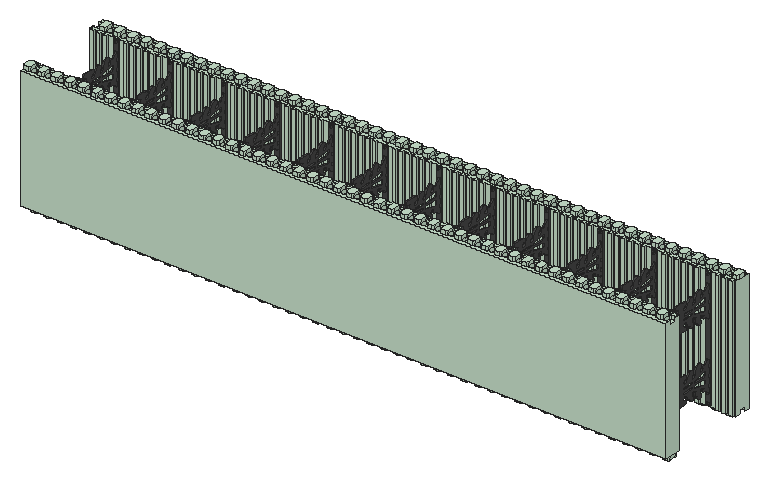
Revit family (continued)
Nested families (in)
  nested 168: "Interlock Tooth" at (14, 2, -18.5), type "Interlock Tooth"
  nested 169: "Interlock Tooth" at (16, 2, -18.5), type "Interlock Tooth"
  nested 170: "Interlock Tooth" at (18, 2, -18.5), type "Interlock Tooth"
  nested 171: "Interlock Tooth" at (20, 2, -18.5), type "Interlock Tooth"
  nested 172: "Interlock Tooth" at (22, 2, -18.5), type "Interlock Tooth"
  nested 173: "Interlock Tooth" at (24, 2, -18.5), type "Interlock Tooth"
  nested 174: "Interlock Tooth" at (26, 2, -18.5), type "Interlock Tooth"
  nested 175: "Interlock Tooth" at (28, 2, -18.5), type "Interlock Tooth"
  nested 176: "Interlock Tooth" at (30, 2, -18.5), type "Interlock Tooth"
  nested 177: "Interlock Tooth" at (32, 2, -18.5), type "Interlock Tooth"
  nested 178: "Interlock Tooth" at (34, 2, -18.5), type "Interlock Tooth"
  nested 179: "Interlock Tooth" at (36, 2, -18.5), type "Interlock Tooth"
  nested 180: "Interlock Tooth" at (38, 2, -18.5), type "Interlock Tooth"
  nested 181: "Interlock Tooth" at (40, 2, -18.5), type "Interlock Tooth"
  nested 182: "Interlock Tooth" at (42, 2, -18.5), type "Interlock Tooth"
  nested 183: "Interlock Tooth" at (44, 2, -18.5), type "Interlock Tooth"
  nested 184: "Interlock Tooth" at (46, 2, -18.5), type "Interlock Tooth"
  nested 185: "Interlock Tooth" at (48, 2, -18.5), type "Interlock Tooth"
  nested 186: "Interlock Tooth" at (50, 2, -18.5), type "Interlock Tooth"
  nested 187: "Interlock Tooth" at (52, 2, -18.5), type "Interlock Tooth"
  nested 188: "Interlock Tooth" at (54, 2, -18.5), type "Interlock Tooth"
  nested 189: "Interlock Tooth" at (56, 2, -18.5), type "Interlock Tooth"
  nested 190: "Interlock Tooth" at (58, 2, -18.5), type "Interlock Tooth"
  nested 191: "Interlock Tooth" at (60, 2, -18.5), type "Interlock Tooth"
  nested 192: "Interlock Tooth" at (62, 2, -18.5), type "Interlock Tooth"
  nested 193: "Interlock Tooth" at (64, 2, -18.5), type "Interlock Tooth"
  nested 194: "Interlock Tooth" at (66, 2, -18.5), type "Interlock Tooth"
  nested 195: "Interlock Tooth" at (68, 2, -18.5), type "Interlock Tooth"
  nested 196: "Interlock Tooth" at (70, 2, -18.5), type "Interlock Tooth"
  nested 197: "Interlock Tooth" at (72, 2, -18.5), type "Interlock Tooth"
  nested 198: "Interlock Tooth" at (74, 2, -18.5), type "Interlock Tooth"
  nested 199: "Interlock Tooth" at (76, 2, -18.5), type "Interlock Tooth"
  nested 200: "Interlock Tooth" at (78, 2, -18.5), type "Interlock Tooth"
  nested 201: "Interlock Tooth" at (80, 2, -18.5), type "Interlock Tooth"
  nested 202: "Interlock Tooth" at (82, 2, -18.5), type "Interlock Tooth"
  nested 203: "Interlock Tooth" at (84, 2, -18.5), type "Interlock Tooth"
  nested 204: "Interlock Tooth" at (86, 2, -18.5), type "Interlock Tooth"
  nested 205: "Interlock Tooth" at (88, 2, -18.5), type "Interlock Tooth"
  nested 206: "Interlock Tooth" at (90, 2, -18.5), type "Interlock Tooth"
  nested 207: "Interlock Tooth" at (92, 2, -18.5), type "Interlock Tooth"
  nested 208: "Interlock Tooth" at (94, 2, -18.5), type "Interlock Tooth"
  nested 209: "Interlock Tooth" at (0, 0, 0), type "Interlock Tooth", not visible
  nested 210: "Interlock Tooth" at (2, 0, 0), type "Interlock Tooth", not visible
  nested 211: "Interlock Tooth" at (4, 0, 0), type "Interlock Tooth", not visible
  nested 212: "Interlock Tooth" at (6, 0, 0), type "Interlock Tooth", not visible
  nested 213: "Interlock Tooth" at (8, 0, 0), type "Interlock Tooth", not visible
  nested 214: "Interlock Tooth" at (10, 0, 0), type "Interlock Tooth", not visible
  nested 215: "Interlock Tooth" at (12, 0, 0), type "Interlock Tooth", not visible
  nested 216: "Interlock Tooth" at (14, 0, 0), type "Interlock Tooth", not visible
  nested 217: "Interlock Tooth" at (16, 0, 0), type "Interlock Tooth", not visible
  nested 218: "Interlock Tooth" at (18, 0, 0), type "Interlock Tooth", not visible
  nested 219: "Interlock Tooth" at (20, 0, 0), type "Interlock Tooth", not visible
  nested 220: "Interlock Tooth" at (22, 0, 0), type "Interlock Tooth", not visible
  nested 221: "Interlock Tooth" at (24, 0, 0), type "Interlock Tooth", not visible
  nested 222: "Interlock Tooth" at (26, 0, 0), type "Interlock Tooth", not visible
  nested 223: "Interlock Tooth" at (28, 0, 0), type "Interlock Tooth", not visible
  nested 224: "Interlock Tooth" at (30, 0, 0), type "Interlock Tooth", not visible
  nested 225: "Interlock Tooth" at (32, 0, 0), type "Interlock Tooth", not visible
  nested 226: "Interlock Tooth" at (34, 0, 0), type "Interlock Tooth", not visible
  nested 227: "Interlock Tooth" at (36, 0, 0), type "Interlock Tooth", not visible
  nested 228: "Interlock Tooth" at (38, 0, 0), type "Interlock Tooth", not visible
  nested 229: "Interlock Tooth" at (40, 0, 0), type "Interlock Tooth", not visible
  nested 230: "Interlock Tooth" at (42, 0, 0), type "Interlock Tooth", not visible
  nested 231: "Interlock Tooth" at (44, 0, 0), type "Interlock Tooth", not visible
  nested 232: "Interlock Tooth" at (46, 0, 0), type "Interlock Tooth", not visible
  nested 233: "Interlock Tooth" at (48, 0, 0), type "Interlock Tooth", not visible
  nested 234: "Interlock Tooth" at (50, 0, 0), type "Interlock Tooth", not visible
  nested 235: "Interlock Tooth" at (52, 0, 0), type "Interlock Tooth", not visible
  nested 236: "Interlock Tooth" at (54, 0, 0), type "Interlock Tooth", not visible
  nested 237: "Interlock Tooth" at (56, 0, 0), type "Interlock Tooth", not visible
  nested 238: "Interlock Tooth" at (58, 0, 0), type "Interlock Tooth", not visible
  nested 239: "Interlock Tooth" at (60, 0, 0), type "Interlock Tooth", not visible
  nested 240: "Interlock Tooth" at (62, 0, 0), type "Interlock Tooth", not visible
  nested 241: "Interlock Tooth" at (64, 0, 0), type "Interlock Tooth", not visible
  nested 242: "Interlock Tooth" at (66, 0, 0), type "Interlock Tooth", not visible
  nested 243: "Interlock Tooth" at (68, 0, 0), type "Interlock Tooth", not visible
  nested 244: "Interlock Tooth" at (70, 0, 0), type "Interlock Tooth", not visible
  nested 245: "Interlock Tooth" at (72, 0, 0), type "Interlock Tooth", not visible
  nested 246: "Interlock Tooth" at (74, 0, 0), type "Interlock Tooth", not visible
  nested 247: "Interlock Tooth" at (76, 0, 0), type "Interlock Tooth", not visible
  nested 248: "Interlock Tooth" at (78, 0, 0), type "Interlock Tooth", not visible
  nested 249: "Interlock Tooth" at (80, 0, 0), type "Interlock Tooth", not visible
  nested 250: "Interlock Tooth" at (82, 0, 0), type "Interlock Tooth", not visible
  nested 251: "Interlock Tooth" at (84, 0, 0), type "Interlock Tooth", not visible
  nested 252: "Interlock Tooth" at (86, 0, 0), type "Interlock Tooth", not visible
  nested 253: "Interlock Tooth" at (88, 0, 0), type "Interlock Tooth", not visible
  nested 254: "Interlock Tooth" at (90, 0, 0), type "Interlock Tooth", not visible
  nested 255: "Interlock Tooth" at (92, 0, 0), type "Interlock Tooth", not visible
  nested 256: "Interlock Tooth" at (94, 0, 0), type "Interlock Tooth", not visible
  nested 257: "Interlock Tooth" at (1, 8.875, 0), type "Interlock Tooth", not visible
  nested 258: "Interlock Tooth" at (3, 8.875, 0), type "Interlock Tooth", not visible
  nested 259: "Interlock Tooth" at (5, 8.875, 0), type "Interlock Tooth", not visible
  nested 260: "Interlock Tooth" at (7, 8.875, 0), type "Interlock Tooth", not visible
  nested 261: "Interlock Tooth" at (9, 8.875, 0), type "Interlock Tooth", not visible
  nested 262: "Interlock Tooth" at (11, 8.875, 0), type "Interlock Tooth", not visible
  nested 263: "Interlock Tooth" at (13, 8.875, 0), type "Interlock Tooth", not visible
  nested 264: "Interlock Tooth" at (15, 8.875, 0), type "Interlock Tooth", not visible
  nested 265: "Interlock Tooth" at (17, 8.875, 0), type "Interlock Tooth", not visible
  nested 266: "Interlock Tooth" at (19, 8.875, 0), type "Interlock Tooth", not visible
  nested 267: "Interlock Tooth" at (21, 8.875, 0), type "Interlock Tooth", not visible
  nested 268: "Interlock Tooth" at (23, 8.875, 0), type "Interlock Tooth", not visible
  nested 269: "Interlock Tooth" at (25, 8.875, 0), type "Interlock Tooth", not visible
  nested 270: "Interlock Tooth" at (27, 8.875, 0), type "Interlock Tooth", not visible
  nested 271: "Interlock Tooth" at (29, 8.875, 0), type "Interlock Tooth", not visible
  nested 272: "Interlock Tooth" at (31, 8.875, 0), type "Interlock Tooth", not visible
  nested 273: "Interlock Tooth" at (33, 8.875, 0), type "Interlock Tooth", not visible
  nested 274: "Interlock Tooth" at (35, 8.875, 0), type "Interlock Tooth", not visible
  nested 275: "Interlock Tooth" at (37, 8.875, 0), type "Interlock Tooth", not visible
  nested 276: "Interlock Tooth" at (39, 8.875, 0), type "Interlock Tooth", not visible
  nested 277: "Interlock Tooth" at (41, 8.875, 0), type "Interlock Tooth", not visible
  nested 278: "Interlock Tooth" at (43, 8.875, 0), type "Interlock Tooth", not visible
  nested 279: "Interlock Tooth" at (45, 8.875, 0), type "Interlock Tooth", not visible
  nested 280: "Interlock Tooth" at (47, 8.875, 0), type "Interlock Tooth", not visible
  nested 281: "Interlock Tooth" at (49, 8.875, 0), type "Interlock Tooth", not visible
  nested 282: "Interlock Tooth" at (51, 8.875, 0), type "Interlock Tooth", not visible
  nested 283: "Interlock Tooth" at (53, 8.875, 0), type "Interlock Tooth", not visible
  nested 284: "Interlock Tooth" at (55, 8.875, 0), type "Interlock Tooth", not visible
  nested 285: "Interlock Tooth" at (57, 8.875, 0), type "Interlock Tooth", not visible
  nested 286: "Interlock Tooth" at (59, 8.875, 0), type "Interlock Tooth", not visible
  nested 287: "Interlock Tooth" at (61, 8.875, 0), type "Interlock Tooth", not visible
  nested 288: "Interlock Tooth" at (63, 8.875, 0), type "Interlock Tooth", not visible
  nested 289: "Interlock Tooth" at (65, 8.875, 0), type "Interlock Tooth", not visible
  nested 290: "Interlock Tooth" at (67, 8.875, 0), type "Interlock Tooth", not visible
  nested 291: "Interlock Tooth" at (69, 8.875, 0), type "Interlock Tooth", not visible
  nested 292: "Interlock Tooth" at (71, 8.875, 0), type "Interlock Tooth", not visible
  nested 293: "Interlock Tooth" at (73, 8.875, 0), type "Interlock Tooth", not visible
  nested 294: "Interlock Tooth" at (75, 8.875, 0), type "Interlock Tooth", not visible
  nested 295: "Interlock Tooth" at (77, 8.875, 0), type "Interlock Tooth", not visible
  nested 296: "Interlock Tooth" at (79, 8.875, 0), type "Interlock Tooth", not visible
  nested 297: "Interlock Tooth" at (81, 8.875, 0), type "Interlock Tooth", not visible
  nested 298: "Interlock Tooth" at (83, 8.875, 0), type "Interlock Tooth", not visible
  nested 299: "Interlock Tooth" at (85, 8.875, 0), type "Interlock Tooth", not visible
  nested 300: "Interlock Tooth" at (87, 8.875, 0), type "Interlock Tooth", not visible
  nested 301: "Interlock Tooth" at (89, 8.875, 0), type "Interlock Tooth", not visible
  nested 302: "Interlock Tooth" at (91, 8.875, 0), type "Interlock Tooth", not visible
  nested 303: "Interlock Tooth" at (93, 8.875, 0), type "Interlock Tooth", not visible
  nested 304: "Interlock Tooth" at (95, 8.875, 0), type "Interlock Tooth", not visible
  nested 305: "NUDURA Logo Diamond" at (0, -7.625, 0), type "NUDURA Logo Diamond"
  nested 306: "NUDURA Logo Diamond" at (24, -7.625, 0), type "NUDURA Logo Diamond"
  nested 307: "NUDURA Logo Diamond" at (48, -7.625, 0), type "NUDURA Logo Diamond"
  nested 308: "NUDURA Logo Diamond" at (72, -7.625, 0), type "NUDURA Logo Diamond"
  nested 309: "NUDURA Logo Diamond" at (95.99744, 7.625, 0) x (-1, 0, 0) z (0, 0, 1), type "NUDURA Logo Diamond"
  nested 310: "NUDURA Logo Diamond" at (71.99744, 7.625, 0) x (-1, 0, 0) z (0, 0, 1), type "NUDURA Logo Diamond"
  nested 311: "NUDURA Logo Diamond" at (47.99744, 7.625, 0) x (-1, 0, 0) z (0, 0, 1), type "NUDURA Logo Diamond"
  nested 312: "NUDURA Logo Diamond" at (23.99744, 7.625, 0) x (-1, 0, 0) z (0, 0, 1), type "NUDURA Logo Diamond"
  nested 313: "10-inch Web" at (4, 0, 0), type "10-inch Web"
  nested 314: "10-inch Web" at (12, 0, 0), type "10-inch Web"
  nested 315: "10-inch Web" at (20, 0, 0), type "10-inch Web"
  nested 316: "10-inch Web" at (28, 0, 0), type "10-inch Web"
  nested 317: "10-inch Web" at (36, 0, 0), type "10-inch Web"
  nested 318: "10-inch Web" at (44, 0, 0), type "10-inch Web"
  nested 319: "10-inch Web" at (52, 0, 0), type "10-inch Web"
  nested 320: "10-inch Web" at (60, 0, 0), type "10-inch Web"
  nested 321: "10-inch Web" at (68, 0, 0), type "10-inch Web"
  nested 322: "10-inch Web" at (76, 0, 0), type "10-inch Web"
  nested 323: "10-inch Web" at (84, 0, 0), type "10-inch Web"
  nested 324: "10-inch Web" at (92, 0, 0), type "10-inch Web"
Definition of nested family "Interlock Tooth"
  Reference planes (in)
    plane 1 "Center (Front/Back)": y = 0
    plane 2: z = 0
    plane 3 "Center (Left/Right)": x = 0
    plane 4: z = 18
    plane 5: z = 18.5
    plane 6: z = -0.5
  Forms (in)
    Extrusion 1, solid, material "NUDURA Expanded Polystyrene Foam Insulation"
      sketch origin (0, -8.875, 0) x (1, 0, 0) y (0, 1, 0)
        loop
          arc (0, 3.97692) -> (0.04785, 3.82983) -> (0.17308, 3.73905) r 0.25
          arc (0.17308, 3.73905) -> (0.5, 3.6875) -> (0.82692, 3.73905) r 1.0625
          arc (0.82692, 3.73905) -> (0.95215, 3.82983) -> (1, 3.97692) r 0.25
          line (1, 3.97692) -> (1, 4.89808)
          arc (1, 4.89808) -> (0.95215, 5.04517) -> (0.82692, 5.13595) r 0.25
          arc (0.82692, 5.13595) -> (0.5, 5.1875) -> (0.17308, 5.13595) r 1.0625
          arc (0.17308, 5.13595) -> (0.04785, 5.04517) -> (0, 4.89808) r 0.25
          line (0, 4.89808) -> (0, 3.97692)
      from 18 to 18.5
  Dimensions and locks (in)
    locked: plane 4 to level at 18
    locked: plane 4 to plane 5 at 0.5
    locked: plane 6 to level at 0.5
Definition of nested family "10-inch Web"
  Reference planes (in)
    plane 1 "Center (Front/Back)": y = 0
    plane 2: z = 0
    plane 3 "Center (Left/Right)": x = 0
  Forms (in)
    Extrusion 1, solid, material "Polypropylene"
      sketch origin (0, 0, -0.5) x (0, 1, 0) y (0, 0, 1)
        loop
          arc (5.185, 0.98503) -> (5.17874, 0.9705) -> (5.16389, 0.96506) r 0.02
          line (5.16389, 0.96506) -> (5.00611, 0.97383)
          arc (5.00611, 0.97383) -> (4.99126, 0.96839) -> (4.985, 0.95386) r 0.02
          line (4.985, 0.95386) -> (4.985, 0.88265)
          arc (4.985, 0.88265) -> (4.98914, 0.86744) -> (5.00043, 0.85643) r 0.03
          line (5.00043, 0.85643) -> (5.16957, 0.76246)
          arc (5.16957, 0.76246) -> (5.18086, 0.75145) -> (5.185, 0.73624) r 0.03
          line (5.185, 0.73624) -> (5.185, 0.98503)
        loop
          line (-5.185, 0.98503) -> (-5.185, 0.73624)
          arc (-5.185, 0.73624) -> (-5.18086, 0.75145) -> (-5.16957, 0.76246) r 0.03
          line (-5.16957, 0.76246) -> (-5.00043, 0.85643)
          arc (-5.00043, 0.85643) -> (-4.98914, 0.86744) -> (-4.985, 0.88265) r 0.03
          line (-4.985, 0.88265) -> (-4.985, 0.95386)
          arc (-4.985, 0.95386) -> (-4.99126, 0.96839) -> (-5.00611, 0.97383) r 0.02
          line (-5.00611, 0.97383) -> (-5.16389, 0.96506)
          arc (-5.16389, 0.96506) -> (-5.17874, 0.9705) -> (-5.185, 0.98503) r 0.02
        loop
          line (4.959, 15.45384) -> (4.959, 15.95381) -> (4.854, 15.95381) -> (4.854, 16.02384) -> (5.0915, 16.02384)
          arc (5.0915, 16.02384) -> (5.1357, 16.00553) -> (5.154, 15.96134) r 0.0625
          line (5.154, 15.96134) -> (5.154, 16.86095)
          arc (5.154, 16.86095) -> (5.06225, 16.57227) -> (4.82067, 16.38954) r 0.5
          arc (4.82067, 16.38954) -> (4.69988, 16.29818) -> (4.654, 16.15384) r 0.25
          line (4.654, 16.15384) -> (4.654, 16.08634)
          arc (4.654, 16.08634) -> (4.67231, 16.04214) -> (4.7165, 16.02384) r 0.0625
          line (4.7165, 16.02384) -> (4.764, 16.02384) -> (4.764, 15.95381) -> (4.65846, 15.95381)
          arc (4.65846, 15.95381) -> (4.46242, 15.98802) -> (4.30133, 16.10487) r 0.44133
          arc (4.30133, 16.10487) -> (4.13092, 16.12201) -> (4.10336, 15.95298) r 0.125
          arc (4.10336, 15.95298) -> (3.6202, 15.47559) -> (3.56289, 16.15239) r 0.375
          arc (3.56289, 16.15239) -> (3.71165, 16.51474) -> (3.34931, 16.66349) r 0.27697
          arc (3.34931, 16.66349) -> (2.83672, 16.26582) -> (2.64033, 15.6475) r 1.09159
          line (2.64033, 15.6475) -> (2.64084, 15.48251)
          arc (2.64084, 15.48251) -> (2.06728, 15.19279) -> (2.07976, 15.83525) r 0.375
          arc (2.07976, 15.83525) -> (2.22851, 16.1976) -> (1.86617, 16.34635) r 0.27697
          arc (1.86617, 16.34635) -> (1.36679, 16.02099) -> (1.12993, 15.47406) r 1.0341
          arc (1.12993, 15.47406) -> (0.55637, 15.18434) -> (0.56885, 15.8268) r 0.375
          arc (0.56885, 15.8268) -> (0.65723, 15.85457) -> (0.74814, 15.87237) r 0.83414
          arc (0.74814, 15.87237) -> (0.91326, 16.103) -> (0.71383, 16.30469) r 0.22
          arc (0.71383, 16.30469) -> (0.35845, 16.35404) -> (0, 16.36944) r 3.77741
          arc (0, 16.36944) -> (-0.35845, 16.35404) -> (-0.71383, 16.30469) r 3.77741
          arc (-0.71383, 16.30469) -> (-0.91326, 16.103) -> (-0.74814, 15.87237) r 0.22
          arc (-0.74814, 15.87237) -> (-0.65723, 15.85457) -> (-0.56885, 15.8268) r 0.83414
          arc (-0.56885, 15.8268) -> (-0.55637, 15.18434) -> (-1.12993, 15.47406) r 0.375
          arc (-1.12993, 15.47406) -> (-1.36679, 16.02099) -> (-1.86617, 16.34635) r 1.0341
          arc (-1.86617, 16.34635) -> (-2.22851, 16.1976) -> (-2.07976, 15.83525) r 0.27697
          arc (-2.07976, 15.83525) -> (-2.06728, 15.19279) -> (-2.64084, 15.48251) r 0.375
          line (-2.64084, 15.48251) -> (-2.64033, 15.6475)
          arc (-2.64033, 15.6475) -> (-2.83672, 16.26582) -> (-3.34931, 16.66349) r 1.09159
          arc (-3.34931, 16.66349) -> (-3.71165, 16.51474) -> (-3.56289, 16.15239) r 0.27697
          arc (-3.56289, 16.15239) -> (-3.6202, 15.47559) -> (-4.10336, 15.95298) r 0.375
          arc (-4.10336, 15.95298) -> (-4.13092, 16.12201) -> (-4.30133, 16.10487) r 0.125
          arc (-4.30133, 16.10487) -> (-4.46242, 15.98802) -> (-4.65846, 15.95381) r 0.44133
          line (-4.65846, 15.95381) -> (-4.764, 15.95381) -> (-4.764, 16.02384) -> (-4.7165, 16.02384)
          arc (-4.7165, 16.02384) -> (-4.67231, 16.04214) -> (-4.654, 16.08634) r 0.0625
          line (-4.654, 16.08634) -> (-4.654, 16.15384)
          arc (-4.654, 16.15384) -> (-4.69988, 16.29818) -> (-4.82067, 16.38954) r 0.25
          arc (-4.82067, 16.38954) -> (-5.06225, 16.57227) -> (-5.154, 16.86095) r 0.5
          line (-5.154, 16.86095) -> (-5.154, 15.96134)
          arc (-5.154, 15.96134) -> (-5.1357, 16.00553) -> (-5.0915, 16.02384) r 0.0625
          line (-5.0915, 16.02384) -> (-4.854, 16.02384) -> (-4.854, 15.95381) -> (-4.959, 15.95381) -> (-4.959, 15.45384) -> (-4.854, 15.45384) -> (-4.854, 15.38384) -> (-5.1225, 15.38384)
          arc (-5.1225, 15.38384) -> (-5.16669, 15.40214) -> (-5.185, 15.44634) r 0.0625
          line (-5.185, 15.44634) -> (-5.185, 14.66134)
          arc (-5.185, 14.66134) -> (-5.16669, 14.70553) -> (-5.1225, 14.72384) r 0.0625
          line (-5.1225, 14.72384) -> (-4.854, 14.72384) -> (-4.854, 14.65384) -> (-4.959, 14.65384) -> (-4.959, 14.15384) -> (-4.854, 14.15384) -> (-4.854, 14.08384) -> (-5.1225, 14.08384)
          arc (-5.1225, 14.08384) -> (-5.16669, 14.10214) -> (-5.185, 14.14634) r 0.0625
          line (-5.185, 14.14634) -> (-5.185, 13.36134)
          arc (-5.185, 13.36134) -> (-5.16669, 13.40553) -> (-5.1225, 13.42384) r 0.0625
          line (-5.1225, 13.42384) -> (-4.854, 13.42384) -> (-4.854, 13.35384) -> (-4.959, 13.35384) -> (-4.959, 12.85387) -> (-4.854, 12.85387) -> (-4.854, 12.78384) -> (-5.1225, 12.78384)
          arc (-5.1225, 12.78384) -> (-5.16669, 12.80214) -> (-5.185, 12.84634) r 0.0625
          line (-5.185, 12.84634) -> (-5.185, 12.24673) -> (-5.054, 12.24673)
          arc (-5.054, 12.24673) -> (-4.95001, 12.34969) -> (-4.82067, 12.41814) r 0.5
          arc (-4.82067, 12.41814) -> (-4.69988, 12.5095) -> (-4.654, 12.65384) r 0.25
          line (-4.654, 12.65384) -> (-4.654, 12.72134)
          arc (-4.654, 12.72134) -> (-4.67231, 12.76553) -> (-4.7165, 12.78384) r 0.0625
          line (-4.7165, 12.78384) -> (-4.764, 12.78384) -> (-4.764, 12.85387) -> (-4.65846, 12.85387)
          arc (-4.65846, 12.85387) -> (-4.46242, 12.81966) -> (-4.30133, 12.70281) r 0.44133
          arc (-4.30133, 12.70281) -> (-4.13092, 12.68566) -> (-4.10336, 12.8547) r 0.125
          arc (-4.10336, 12.8547) -> (-3.6202, 13.33209) -> (-3.56289, 12.65529) r 0.375
          arc (-3.56289, 12.65529) -> (-3.71165, 12.29294) -> (-3.34931, 12.14419) r 0.27697
          arc (-3.34931, 12.14419) -> (-2.83672, 12.54186) -> (-2.64033, 13.16018) r 1.09159
          line (-2.64033, 13.16018) -> (-2.64084, 13.32517)
          arc (-2.64084, 13.32517) -> (-2.06728, 13.61488) -> (-2.07976, 12.97243) r 0.375
          arc (-2.07976, 12.97243) -> (-2.22851, 12.61008) -> (-1.86617, 12.46132) r 0.27697
          arc (-1.86617, 12.46132) -> (-1.36679, 12.78669) -> (-1.12993, 13.33362) r 1.0341
          arc (-1.12993, 13.33362) -> (-0.55637, 13.62334) -> (-0.56885, 12.98088) r 0.375
          arc (-0.56885, 12.98088) -> (-0.65723, 12.95311) -> (-0.74814, 12.93531) r 0.83414
          arc (-0.74814, 12.93531) -> (-0.91326, 12.70468) -> (-0.71383, 12.50299) r 0.22
          arc (-0.71383, 12.50299) -> (-0.35845, 12.45364) -> (0, 12.43823) r 3.77741
          arc (0, 12.43823) -> (0.35845, 12.45364) -> (0.71383, 12.50299) r 3.77741
          arc (0.71383, 12.50299) -> (0.91326, 12.70468) -> (0.74814, 12.93531) r 0.22
          arc (0.74814, 12.93531) -> (0.65723, 12.95311) -> (0.56885, 12.98088) r 0.83414
          arc (0.56885, 12.98088) -> (0.55637, 13.62334) -> (1.12993, 13.33362) r 0.375
          arc (1.12993, 13.33362) -> (1.36679, 12.78669) -> (1.86617, 12.46132) r 1.0341
          arc (1.86617, 12.46132) -> (2.22851, 12.61008) -> (2.07976, 12.97243) r 0.27697
          arc (2.07976, 12.97243) -> (2.06728, 13.61488) -> (2.64084, 13.32517) r 0.375
          line (2.64084, 13.32517) -> (2.64033, 13.16018)
          arc (2.64033, 13.16018) -> (2.83672, 12.54186) -> (3.34931, 12.14419) r 1.09159
          arc (3.34931, 12.14419) -> (3.71165, 12.29294) -> (3.56289, 12.65529) r 0.27697
          arc (3.56289, 12.65529) -> (3.6202, 13.33209) -> (4.10336, 12.8547) r 0.375
          arc (4.10336, 12.8547) -> (4.13092, 12.68566) -> (4.30133, 12.70281) r 0.125
          arc (4.30133, 12.70281) -> (4.46242, 12.81966) -> (4.65846, 12.85387) r 0.44133
          line (4.65846, 12.85387) -> (4.764, 12.85387) -> (4.764, 12.78384) -> (4.7165, 12.78384)
          arc (4.7165, 12.78384) -> (4.67231, 12.76553) -> (4.654, 12.72134) r 0.0625
          line (4.654, 12.72134) -> (4.654, 12.65384)
          arc (4.654, 12.65384) -> (4.69988, 12.5095) -> (4.82067, 12.41814) r 0.25
          arc (4.82067, 12.41814) -> (4.95001, 12.34969) -> (5.054, 12.24673) r 0.5
          line (5.054, 12.24673) -> (5.185, 12.24673) -> (5.185, 12.84634)
          arc (5.185, 12.84634) -> (5.16669, 12.80214) -> (5.1225, 12.78384) r 0.0625
          line (5.1225, 12.78384) -> (4.854, 12.78384) -> (4.854, 12.85387) -> (4.959, 12.85387) -> (4.959, 13.35384) -> (4.854, 13.35384) -> (4.854, 13.42384) -> (5.1225, 13.42384)
          arc (5.1225, 13.42384) -> (5.16669, 13.40553) -> (5.185, 13.36134) r 0.0625
          line (5.185, 13.36134) -> (5.185, 14.14634)
          arc (5.185, 14.14634) -> (5.16669, 14.10214) -> (5.1225, 14.08384) r 0.0625
          line (5.1225, 14.08384) -> (4.854, 14.08384) -> (4.854, 14.15384) -> (4.959, 14.15384) -> (4.959, 14.65384) -> (4.854, 14.65384) -> (4.854, 14.72384) -> (5.1225, 14.72384)
          arc (5.1225, 14.72384) -> (5.16669, 14.70553) -> (5.185, 14.66134) r 0.0625
          line (5.185, 14.66134) -> (5.185, 15.44634)
          arc (5.185, 15.44634) -> (5.16669, 15.40214) -> (5.1225, 15.38384) r 0.0625
          line (5.1225, 15.38384) -> (4.854, 15.38384) -> (4.854, 15.45384) -> (4.959, 15.45384)
        loop
          line (4.659, 14.65384) -> (4.764, 14.65384) -> (4.764, 14.72384) -> (4.7165, 14.72384)
          arc (4.7165, 14.72384) -> (4.67231, 14.74214) -> (4.654, 14.78634) r 0.0625
          line (4.654, 14.78634) -> (4.654, 15.32134)
          arc (4.654, 15.32134) -> (4.67231, 15.36553) -> (4.7165, 15.38384) r 0.0625
          line (4.7165, 15.38384) -> (4.764, 15.38384) -> (4.764, 15.45384) -> (4.659, 15.45384) -> (2.44144, 14.95721)
          arc (2.44144, 14.95721) -> (2.37119, 14.91337) -> (2.34376, 14.83523) r 0.125
          line (2.34376, 14.83523) -> (2.34376, 14.62294)
          arc (2.34376, 14.62294) -> (2.38037, 14.53455) -> (2.46876, 14.49794) r 0.125
          line (2.46876, 14.49794) -> (4.10628, 14.49794)
          arc (4.10628, 14.49794) -> (4.33726, 14.5391) -> (4.5554, 14.62551) r 1.17022
          arc (4.5554, 14.62551) -> (4.60543, 14.64613) -> (4.659, 14.65384) r 0.21872
        loop
          line (4.659, 13.35384) -> (4.764, 13.35384) -> (4.764, 13.42384) -> (4.7165, 13.42384)
          arc (4.7165, 13.42384) -> (4.67231, 13.44214) -> (4.654, 13.48634) r 0.0625
          line (4.654, 13.48634) -> (4.654, 14.02134)
          arc (4.654, 14.02134) -> (4.67231, 14.06553) -> (4.7165, 14.08384) r 0.0625
          line (4.7165, 14.08384) -> (4.764, 14.08384) -> (4.764, 14.15384) -> (4.659, 14.15384)
          arc (4.659, 14.15384) -> (4.60543, 14.16155) -> (4.5554, 14.18217) r 0.21872
          arc (4.5554, 14.18217) -> (4.33726, 14.26858) -> (4.10628, 14.30974) r 1.17022
          line (4.10628, 14.30974) -> (2.46876, 14.30974)
          arc (2.46876, 14.30974) -> (2.38037, 14.27312) -> (2.34376, 14.18474) r 0.125
          line (2.34376, 14.18474) -> (2.34376, 13.97245)
          arc (2.34376, 13.97245) -> (2.37119, 13.89431) -> (2.44144, 13.85047) r 0.125
          line (2.44144, 13.85047) -> (4.659, 13.35384)
        loop
          line (5.185, 18.01497) -> (5.185, 18.26376)
          arc (5.185, 18.26376) -> (5.18086, 18.24855) -> (5.16957, 18.23754) r 0.03
          line (5.16957, 18.23754) -> (5.00043, 18.14357)
          arc (5.00043, 18.14357) -> (4.98914, 18.13256) -> (4.985, 18.11735) r 0.03
          line (4.985, 18.11735) -> (4.985, 18.04614)
          arc (4.985, 18.04614) -> (4.99126, 18.03161) -> (5.00611, 18.02617) r 0.02
          line (5.00611, 18.02617) -> (5.16389, 18.03494)
          arc (5.16389, 18.03494) -> (5.17874, 18.0295) -> (5.185, 18.01497) r 0.02
        loop
          arc (-5.185, 18.01497) -> (-5.17874, 18.0295) -> (-5.16389, 18.03494) r 0.02
          line (-5.16389, 18.03494) -> (-5.00611, 18.02617)
          arc (-5.00611, 18.02617) -> (-4.99126, 18.03161) -> (-4.985, 18.04614) r 0.02
          line (-4.985, 18.04614) -> (-4.985, 18.11735)
          arc (-4.985, 18.11735) -> (-4.98914, 18.13256) -> (-5.00043, 18.14357) r 0.03
          line (-5.00043, 18.14357) -> (-5.16957, 18.23754)
          arc (-5.16957, 18.23754) -> (-5.18086, 18.24855) -> (-5.185, 18.26376) r 0.03
          line (-5.185, 18.26376) -> (-5.185, 18.01497)
        loop
          line (2.03126, 14.93281) -> (0.59176, 14.93281)
          arc (0.59176, 14.93281) -> (0.37476, 14.71581) -> (0.59176, 14.49881) r 0.217
          line (0.59176, 14.49881) -> (2.03126, 14.49881)
          arc (2.03126, 14.49881) -> (2.11964, 14.53542) -> (2.15626, 14.62381) r 0.125
          line (2.15626, 14.62381) -> (2.15626, 14.80781)
          arc (2.15626, 14.80781) -> (2.11964, 14.8962) -> (2.03126, 14.93281) r 0.125
        loop
          line (0.59176, 13.87487) -> (2.03126, 13.87487)
          arc (2.03126, 13.87487) -> (2.11964, 13.91148) -> (2.15626, 13.99987) r 0.125
          line (2.15626, 13.99987) -> (2.15626, 14.18387)
          arc (2.15626, 14.18387) -> (2.11964, 14.27226) -> (2.03126, 14.30887) r 0.125
          line (2.03126, 14.30887) -> (0.59176, 14.30887)
          arc (0.59176, 14.30887) -> (0.37476, 14.09187) -> (0.59176, 13.87487) r 0.217
        loop
          arc (-4.659, 14.65384) -> (-4.60543, 14.64613) -> (-4.5554, 14.62551) r 0.21872
          arc (-4.5554, 14.62551) -> (-4.33726, 14.5391) -> (-4.10628, 14.49794) r 1.17022
          line (-4.10628, 14.49794) -> (-2.46876, 14.49794)
          arc (-2.46876, 14.49794) -> (-2.38037, 14.53455) -> (-2.34376, 14.62294) r 0.125
          line (-2.34376, 14.62294) -> (-2.34376, 14.83523)
          arc (-2.34376, 14.83523) -> (-2.37119, 14.91337) -> (-2.44144, 14.95721) r 0.125
          line (-2.44144, 14.95721) -> (-4.659, 15.45384) -> (-4.764, 15.45384) -> (-4.764, 15.38384) -> (-4.7165, 15.38384)
          arc (-4.7165, 15.38384) -> (-4.67231, 15.36553) -> (-4.654, 15.32134) r 0.0625
          line (-4.654, 15.32134) -> (-4.654, 14.78634)
          arc (-4.654, 14.78634) -> (-4.67231, 14.74214) -> (-4.7165, 14.72384) r 0.0625
          line (-4.7165, 14.72384) -> (-4.764, 14.72384) -> (-4.764, 14.65384) -> (-4.659, 14.65384)
        loop
          line (-4.659, 13.35384) -> (-2.44144, 13.85047)
          arc (-2.44144, 13.85047) -> (-2.37119, 13.89431) -> (-2.34376, 13.97245) r 0.125
          line (-2.34376, 13.97245) -> (-2.34376, 14.18474)
          arc (-2.34376, 14.18474) -> (-2.38037, 14.27312) -> (-2.46876, 14.30974) r 0.125
          line (-2.46876, 14.30974) -> (-4.10628, 14.30974)
          arc (-4.10628, 14.30974) -> (-4.33726, 14.26858) -> (-4.5554, 14.18217) r 1.17022
          arc (-4.5554, 14.18217) -> (-4.60543, 14.16155) -> (-4.659, 14.15384) r 0.21872
          line (-4.659, 14.15384) -> (-4.764, 14.15384) -> (-4.764, 14.08384) -> (-4.7165, 14.08384)
          arc (-4.7165, 14.08384) -> (-4.67231, 14.06553) -> (-4.654, 14.02134) r 0.0625
          line (-4.654, 14.02134) -> (-4.654, 13.48634)
          arc (-4.654, 13.48634) -> (-4.67231, 13.44214) -> (-4.7165, 13.42384) r 0.0625
          line (-4.7165, 13.42384) -> (-4.764, 13.42384) -> (-4.764, 13.35384) -> (-4.659, 13.35384)
        loop
          arc (-2.03126, 14.93281) -> (-2.11964, 14.8962) -> (-2.15626, 14.80781) r 0.125
          line (-2.15626, 14.80781) -> (-2.15626, 14.62381)
          arc (-2.15626, 14.62381) -> (-2.11964, 14.53542) -> (-2.03126, 14.49881) r 0.125
          line (-2.03126, 14.49881) -> (-0.59176, 14.49881)
          arc (-0.59176, 14.49881) -> (-0.37476, 14.71581) -> (-0.59176, 14.93281) r 0.217
          line (-0.59176, 14.93281) -> (-2.03126, 14.93281)
        loop
          arc (-0.59176, 13.87487) -> (-0.37476, 14.09187) -> (-0.59176, 14.30887) r 0.217
          line (-0.59176, 14.30887) -> (-2.03126, 14.30887)
          arc (-2.03126, 14.30887) -> (-2.11964, 14.27226) -> (-2.15626, 14.18387) r 0.125
          line (-2.15626, 14.18387) -> (-2.15626, 13.99987)
          arc (-2.15626, 13.99987) -> (-2.11964, 13.91148) -> (-2.03126, 13.87487) r 0.125
          line (-2.03126, 13.87487) -> (-0.59176, 13.87487)
        loop
          line (4.959, 3.54616) -> (4.854, 3.54616) -> (4.854, 3.61616) -> (5.1225, 3.61616)
          arc (5.1225, 3.61616) -> (5.16669, 3.59786) -> (5.185, 3.55366) r 0.0625
          line (5.185, 3.55366) -> (5.185, 4.33866)
          arc (5.185, 4.33866) -> (5.16669, 4.29447) -> (5.1225, 4.27616) r 0.0625
          line (5.1225, 4.27616) -> (4.854, 4.27616) -> (4.854, 4.34616) -> (4.959, 4.34616) -> (4.959, 4.84616) -> (4.854, 4.84616) -> (4.854, 4.91616) -> (5.1225, 4.91616)
          arc (5.1225, 4.91616) -> (5.16669, 4.89786) -> (5.185, 4.85366) r 0.0625
          line (5.185, 4.85366) -> (5.185, 5.63866)
          arc (5.185, 5.63866) -> (5.16669, 5.59447) -> (5.1225, 5.57616) r 0.0625
          line (5.1225, 5.57616) -> (4.854, 5.57616) -> (4.854, 5.64616) -> (4.959, 5.64616) -> (4.959, 6.14613) -> (4.854, 6.14613) -> (4.854, 6.21616) -> (5.1225, 6.21616)
          arc (5.1225, 6.21616) -> (5.16669, 6.19786) -> (5.185, 6.15366) r 0.0625
          line (5.185, 6.15366) -> (5.185, 6.75327) -> (5.054, 6.75327)
          arc (5.054, 6.75327) -> (4.95001, 6.65031) -> (4.82067, 6.58186) r 0.5
          arc (4.82067, 6.58186) -> (4.69988, 6.4905) -> (4.654, 6.34616) r 0.25
          line (4.654, 6.34616) -> (4.654, 6.27866)
          arc (4.654, 6.27866) -> (4.67231, 6.23447) -> (4.7165, 6.21616) r 0.0625
          line (4.7165, 6.21616) -> (4.764, 6.21616) -> (4.764, 6.14613) -> (4.65846, 6.14613)
          arc (4.65846, 6.14613) -> (4.46242, 6.18034) -> (4.30133, 6.29719) r 0.44133
          arc (4.30133, 6.29719) -> (4.13092, 6.31434) -> (4.10336, 6.1453) r 0.125
          arc (4.10336, 6.1453) -> (3.6202, 5.66791) -> (3.56289, 6.34471) r 0.375
          arc (3.56289, 6.34471) -> (3.71165, 6.70706) -> (3.34931, 6.85581) r 0.27697
          arc (3.34931, 6.85581) -> (2.83672, 6.45814) -> (2.64033, 5.83982) r 1.09159
          line (2.64033, 5.83982) -> (2.64084, 5.67483)
          arc (2.64084, 5.67483) -> (2.06728, 5.38512) -> (2.07976, 6.02757) r 0.375
          arc (2.07976, 6.02757) -> (2.22851, 6.38992) -> (1.86617, 6.53868) r 0.27697
          arc (1.86617, 6.53868) -> (1.36679, 6.21331) -> (1.12993, 5.66638) r 1.0341
          arc (1.12993, 5.66638) -> (0.55637, 5.37666) -> (0.56885, 6.01912) r 0.375
          arc (0.56885, 6.01912) -> (0.65723, 6.04689) -> (0.74814, 6.06469) r 0.83414
          arc (0.74814, 6.06469) -> (0.91326, 6.29532) -> (0.71383, 6.49701) r 0.22
          arc (0.71383, 6.49701) -> (0.35845, 6.54636) -> (0, 6.56177) r 3.77741
          arc (0, 6.56177) -> (-0.35845, 6.54636) -> (-0.71383, 6.49701) r 3.77741
          arc (-0.71383, 6.49701) -> (-0.91326, 6.29532) -> (-0.74814, 6.06469) r 0.22
          arc (-0.74814, 6.06469) -> (-0.65723, 6.04689) -> (-0.56885, 6.01912) r 0.83414
          arc (-0.56885, 6.01912) -> (-0.55637, 5.37666) -> (-1.12993, 5.66638) r 0.375
          arc (-1.12993, 5.66638) -> (-1.36679, 6.21331) -> (-1.86617, 6.53868) r 1.0341
          arc (-1.86617, 6.53868) -> (-2.22851, 6.38992) -> (-2.07976, 6.02757) r 0.27697
          arc (-2.07976, 6.02757) -> (-2.06728, 5.38512) -> (-2.64084, 5.67483) r 0.375
          line (-2.64084, 5.67483) -> (-2.64033, 5.83982)
          arc (-2.64033, 5.83982) -> (-2.83672, 6.45814) -> (-3.34931, 6.85581) r 1.09159
          arc (-3.34931, 6.85581) -> (-3.71165, 6.70706) -> (-3.56289, 6.34471) r 0.27697
          arc (-3.56289, 6.34471) -> (-3.6202, 5.66791) -> (-4.10336, 6.1453) r 0.375
          arc (-4.10336, 6.1453) -> (-4.13092, 6.31434) -> (-4.30133, 6.29719) r 0.125
          arc (-4.30133, 6.29719) -> (-4.46242, 6.18034) -> (-4.65846, 6.14613) r 0.44133
          line (-4.65846, 6.14613) -> (-4.764, 6.14613) -> (-4.764, 6.21616) -> (-4.7165, 6.21616)
          arc (-4.7165, 6.21616) -> (-4.67231, 6.23447) -> (-4.654, 6.27866) r 0.0625
          line (-4.654, 6.27866) -> (-4.654, 6.34616)
          arc (-4.654, 6.34616) -> (-4.69988, 6.4905) -> (-4.82067, 6.58186) r 0.25
          arc (-4.82067, 6.58186) -> (-4.95001, 6.65031) -> (-5.054, 6.75327) r 0.5
          line (-5.054, 6.75327) -> (-5.185, 6.75327) -> (-5.185, 6.15366)
          arc (-5.185, 6.15366) -> (-5.16669, 6.19786) -> (-5.1225, 6.21616) r 0.0625
          line (-5.1225, 6.21616) -> (-4.854, 6.21616) -> (-4.854, 6.14613) -> (-4.959, 6.14613) -> (-4.959, 5.64616) -> (-4.854, 5.64616) -> (-4.854, 5.57616) -> (-5.1225, 5.57616)
          arc (-5.1225, 5.57616) -> (-5.16669, 5.59447) -> (-5.185, 5.63866) r 0.0625
          line (-5.185, 5.63866) -> (-5.185, 4.85366)
          arc (-5.185, 4.85366) -> (-5.16669, 4.89786) -> (-5.1225, 4.91616) r 0.0625
          line (-5.1225, 4.91616) -> (-4.854, 4.91616) -> (-4.854, 4.84616) -> (-4.959, 4.84616) -> (-4.959, 4.34616) -> (-4.854, 4.34616) -> (-4.854, 4.27616) -> (-5.1225, 4.27616)
          arc (-5.1225, 4.27616) -> (-5.16669, 4.29447) -> (-5.185, 4.33866) r 0.0625
          line (-5.185, 4.33866) -> (-5.185, 3.55366)
          arc (-5.185, 3.55366) -> (-5.16669, 3.59786) -> (-5.1225, 3.61616) r 0.0625
          line (-5.1225, 3.61616) -> (-4.854, 3.61616) -> (-4.854, 3.54616) -> (-4.959, 3.54616) -> (-4.959, 3.04619) -> (-4.854, 3.04619) -> (-4.854, 2.97616) -> (-5.0915, 2.97616)
          arc (-5.0915, 2.97616) -> (-5.1357, 2.99447) -> (-5.154, 3.03866) r 0.0625
          line (-5.154, 3.03866) -> (-5.154, 2.13905)
          arc (-5.154, 2.13905) -> (-5.06225, 2.42773) -> (-4.82067, 2.61046) r 0.5
          arc (-4.82067, 2.61046) -> (-4.69988, 2.70182) -> (-4.654, 2.84616) r 0.25
          line (-4.654, 2.84616) -> (-4.654, 2.91366)
          arc (-4.654, 2.91366) -> (-4.67231, 2.95786) -> (-4.7165, 2.97616) r 0.0625
          line (-4.7165, 2.97616) -> (-4.764, 2.97616) -> (-4.764, 3.04619) -> (-4.65846, 3.04619)
          arc (-4.65846, 3.04619) -> (-4.46242, 3.01198) -> (-4.30133, 2.89513) r 0.44133
          arc (-4.30133, 2.89513) -> (-4.13092, 2.87799) -> (-4.10336, 3.04702) r 0.125
          arc (-4.10336, 3.04702) -> (-3.6202, 3.52441) -> (-3.56289, 2.84761) r 0.375
          arc (-3.56289, 2.84761) -> (-3.71165, 2.48526) -> (-3.34931, 2.33651) r 0.27697
          arc (-3.34931, 2.33651) -> (-2.83672, 2.73418) -> (-2.64033, 3.3525) r 1.09159
          line (-2.64033, 3.3525) -> (-2.64084, 3.51749)
          arc (-2.64084, 3.51749) -> (-2.06728, 3.80721) -> (-2.07976, 3.16475) r 0.375
          arc (-2.07976, 3.16475) -> (-2.22851, 2.8024) -> (-1.86617, 2.65365) r 0.27697
          arc (-1.86617, 2.65365) -> (-1.36679, 2.97901) -> (-1.12993, 3.52594) r 1.0341
          arc (-1.12993, 3.52594) -> (-0.55637, 3.81566) -> (-0.56885, 3.1732) r 0.375
          arc (-0.56885, 3.1732) -> (-0.65723, 3.14543) -> (-0.74814, 3.12763) r 0.83414
          arc (-0.74814, 3.12763) -> (-0.91326, 2.897) -> (-0.71383, 2.69531) r 0.22
          arc (-0.71383, 2.69531) -> (-0.35845, 2.64596) -> (0, 2.63056) r 3.77741
          arc (0, 2.63056) -> (0.35845, 2.64596) -> (0.71383, 2.69531) r 3.77741
          arc (0.71383, 2.69531) -> (0.91326, 2.897) -> (0.74814, 3.12763) r 0.22
          arc (0.74814, 3.12763) -> (0.65723, 3.14543) -> (0.56885, 3.1732) r 0.83414
          arc (0.56885, 3.1732) -> (0.55637, 3.81566) -> (1.12993, 3.52594) r 0.375
          arc (1.12993, 3.52594) -> (1.36679, 2.97901) -> (1.86617, 2.65365) r 1.0341
          arc (1.86617, 2.65365) -> (2.22851, 2.8024) -> (2.07976, 3.16475) r 0.27697
          arc (2.07976, 3.16475) -> (2.06728, 3.80721) -> (2.64084, 3.51749) r 0.375
          line (2.64084, 3.51749) -> (2.64033, 3.3525)
          arc (2.64033, 3.3525) -> (2.83672, 2.73418) -> (3.34931, 2.33651) r 1.09159
          arc (3.34931, 2.33651) -> (3.71165, 2.48526) -> (3.56289, 2.84761) r 0.27697
          arc (3.56289, 2.84761) -> (3.6202, 3.52441) -> (4.10336, 3.04702) r 0.375
          arc (4.10336, 3.04702) -> (4.13092, 2.87799) -> (4.30133, 2.89513) r 0.125
          arc (4.30133, 2.89513) -> (4.46242, 3.01198) -> (4.65846, 3.04619) r 0.44133
          line (4.65846, 3.04619) -> (4.764, 3.04619) -> (4.764, 2.97616) -> (4.7165, 2.97616)
          arc (4.7165, 2.97616) -> (4.67231, 2.95786) -> (4.654, 2.91366) r 0.0625
          line (4.654, 2.91366) -> (4.654, 2.84616)
          arc (4.654, 2.84616) -> (4.69988, 2.70182) -> (4.82067, 2.61046) r 0.25
          arc (4.82067, 2.61046) -> (5.06225, 2.42773) -> (5.154, 2.13905) r 0.5
          line (5.154, 2.13905) -> (5.154, 3.03866)
          arc (5.154, 3.03866) -> (5.1357, 2.99447) -> (5.0915, 2.97616) r 0.0625
          line (5.0915, 2.97616) -> (4.854, 2.97616) -> (4.854, 3.04619) -> (4.959, 3.04619) -> (4.959, 3.54616)
        loop
          arc (4.659, 4.34616) -> (4.60543, 4.35387) -> (4.5554, 4.37449) r 0.21872
          arc (4.5554, 4.37449) -> (4.33726, 4.4609) -> (4.10628, 4.50206) r 1.17022
          line (4.10628, 4.50206) -> (2.46876, 4.50206)
          arc (2.46876, 4.50206) -> (2.38037, 4.46545) -> (2.34376, 4.37706) r 0.125
          line (2.34376, 4.37706) -> (2.34376, 4.16477)
          arc (2.34376, 4.16477) -> (2.37119, 4.08663) -> (2.44144, 4.04279) r 0.125
          line (2.44144, 4.04279) -> (4.659, 3.54616) -> (4.764, 3.54616) -> (4.764, 3.61616) -> (4.7165, 3.61616)
          arc (4.7165, 3.61616) -> (4.67231, 3.63447) -> (4.654, 3.67866) r 0.0625
          line (4.654, 3.67866) -> (4.654, 4.21366)
          arc (4.654, 4.21366) -> (4.67231, 4.25786) -> (4.7165, 4.27616) r 0.0625
          line (4.7165, 4.27616) -> (4.764, 4.27616) -> (4.764, 4.34616) -> (4.659, 4.34616)
        loop
          line (4.659, 5.64616) -> (2.44144, 5.14953)
          arc (2.44144, 5.14953) -> (2.37119, 5.10569) -> (2.34376, 5.02755) r 0.125
          line (2.34376, 5.02755) -> (2.34376, 4.81526)
          arc (2.34376, 4.81526) -> (2.38037, 4.72688) -> (2.46876, 4.69026) r 0.125
          line (2.46876, 4.69026) -> (4.10628, 4.69026)
          arc (4.10628, 4.69026) -> (4.33726, 4.73142) -> (4.5554, 4.81783) r 1.17022
          arc (4.5554, 4.81783) -> (4.60543, 4.83845) -> (4.659, 4.84616) r 0.21872
          line (4.659, 4.84616) -> (4.764, 4.84616) -> (4.764, 4.91616) -> (4.7165, 4.91616)
          arc (4.7165, 4.91616) -> (4.67231, 4.93447) -> (4.654, 4.97866) r 0.0625
          line (4.654, 4.97866) -> (4.654, 5.51366)
          arc (4.654, 5.51366) -> (4.67231, 5.55786) -> (4.7165, 5.57616) r 0.0625
          line (4.7165, 5.57616) -> (4.764, 5.57616) -> (4.764, 5.64616) -> (4.659, 5.64616)
        loop
          arc (2.03126, 4.06719) -> (2.11964, 4.1038) -> (2.15626, 4.19219) r 0.125
          line (2.15626, 4.19219) -> (2.15626, 4.37619)
          arc (2.15626, 4.37619) -> (2.11964, 4.46458) -> (2.03126, 4.50119) r 0.125
          line (2.03126, 4.50119) -> (0.59176, 4.50119)
          arc (0.59176, 4.50119) -> (0.37476, 4.28419) -> (0.59176, 4.06719) r 0.217
          line (0.59176, 4.06719) -> (2.03126, 4.06719)
        loop
          arc (0.59176, 5.12513) -> (0.37476, 4.90813) -> (0.59176, 4.69113) r 0.217
          line (0.59176, 4.69113) -> (2.03126, 4.69113)
          arc (2.03126, 4.69113) -> (2.11964, 4.72774) -> (2.15626, 4.81613) r 0.125
          line (2.15626, 4.81613) -> (2.15626, 5.00013)
          arc (2.15626, 5.00013) -> (2.11964, 5.08852) -> (2.03126, 5.12513) r 0.125
          line (2.03126, 5.12513) -> (0.59176, 5.12513)
        loop
          line (-4.659, 4.34616) -> (-4.764, 4.34616) -> (-4.764, 4.27616) -> (-4.7165, 4.27616)
          arc (-4.7165, 4.27616) -> (-4.67231, 4.25786) -> (-4.654, 4.21366) r 0.0625
          line (-4.654, 4.21366) -> (-4.654, 3.67866)
          arc (-4.654, 3.67866) -> (-4.67231, 3.63447) -> (-4.7165, 3.61616) r 0.0625
          line (-4.7165, 3.61616) -> (-4.764, 3.61616) -> (-4.764, 3.54616) -> (-4.659, 3.54616) -> (-2.44144, 4.04279)
          arc (-2.44144, 4.04279) -> (-2.37119, 4.08663) -> (-2.34376, 4.16477) r 0.125
          line (-2.34376, 4.16477) -> (-2.34376, 4.37706)
          arc (-2.34376, 4.37706) -> (-2.38037, 4.46545) -> (-2.46876, 4.50206) r 0.125
          line (-2.46876, 4.50206) -> (-4.10628, 4.50206)
          arc (-4.10628, 4.50206) -> (-4.33726, 4.4609) -> (-4.5554, 4.37449) r 1.17022
          arc (-4.5554, 4.37449) -> (-4.60543, 4.35387) -> (-4.659, 4.34616) r 0.21872
        loop
          line (-4.659, 5.64616) -> (-4.764, 5.64616) -> (-4.764, 5.57616) -> (-4.7165, 5.57616)
          arc (-4.7165, 5.57616) -> (-4.67231, 5.55786) -> (-4.654, 5.51366) r 0.0625
          line (-4.654, 5.51366) -> (-4.654, 4.97866)
          arc (-4.654, 4.97866) -> (-4.67231, 4.93447) -> (-4.7165, 4.91616) r 0.0625
          line (-4.7165, 4.91616) -> (-4.764, 4.91616) -> (-4.764, 4.84616) -> (-4.659, 4.84616)
          arc (-4.659, 4.84616) -> (-4.60543, 4.83845) -> (-4.5554, 4.81783) r 0.21872
          arc (-4.5554, 4.81783) -> (-4.33726, 4.73142) -> (-4.10628, 4.69026) r 1.17022
          line (-4.10628, 4.69026) -> (-2.46876, 4.69026)
          arc (-2.46876, 4.69026) -> (-2.38037, 4.72688) -> (-2.34376, 4.81526) r 0.125
          line (-2.34376, 4.81526) -> (-2.34376, 5.02755)
          arc (-2.34376, 5.02755) -> (-2.37119, 5.10569) -> (-2.44144, 5.14953) r 0.125
          line (-2.44144, 5.14953) -> (-4.659, 5.64616)
        loop
          line (-2.03126, 4.06719) -> (-0.59176, 4.06719)
          arc (-0.59176, 4.06719) -> (-0.37476, 4.28419) -> (-0.59176, 4.50119) r 0.217
          line (-0.59176, 4.50119) -> (-2.03126, 4.50119)
          arc (-2.03126, 4.50119) -> (-2.11964, 4.46458) -> (-2.15626, 4.37619) r 0.125
          line (-2.15626, 4.37619) -> (-2.15626, 4.19219)
          arc (-2.15626, 4.19219) -> (-2.11964, 4.1038) -> (-2.03126, 4.06719) r 0.125
        loop
          line (-0.59176, 5.12513) -> (-2.03126, 5.12513)
          arc (-2.03126, 5.12513) -> (-2.11964, 5.08852) -> (-2.15626, 5.00013) r 0.125
          line (-2.15626, 5.00013) -> (-2.15626, 4.81613)
          arc (-2.15626, 4.81613) -> (-2.11964, 4.72774) -> (-2.03126, 4.69113) r 0.125
          line (-2.03126, 4.69113) -> (-0.59176, 4.69113)
          arc (-0.59176, 4.69113) -> (-0.37476, 4.90813) -> (-0.59176, 5.12513) r 0.217
      from -0.125 to 0.125
    Extrusion 2, solid, material "Polypropylene"
      sketch origin (0, 0, 0) x (0, 1, 0) y (0, 0, 1)
        loop
          line (5.185, 17.8125) -> (5.185, 0.1875)
          arc (5.185, 0.1875) -> (5.2042, 0.14243) -> (5.25, 0.12505) r 0.0625
          arc (5.25, 0.12505) -> (5.2958, 0.14243) -> (5.315, 0.1875) r 0.0625
          line (5.315, 0.1875) -> (5.315, 17.8125)
          arc (5.315, 17.8125) -> (5.2958, 17.85757) -> (5.25, 17.87495) r 0.0625
          arc (5.25, 17.87495) -> (5.2042, 17.85757) -> (5.185, 17.8125) r 0.0625
        loop
          arc (-5.185, 17.8125) -> (-5.2042, 17.85757) -> (-5.25, 17.87495) r 0.0625
          arc (-5.25, 17.87495) -> (-5.2958, 17.85757) -> (-5.315, 17.8125) r 0.0625
          line (-5.315, 17.8125) -> (-5.315, 0.1875)
          arc (-5.315, 0.1875) -> (-5.2958, 0.14243) -> (-5.25, 0.12505) r 0.0625
          arc (-5.25, 0.12505) -> (-5.2042, 0.14243) -> (-5.185, 0.1875) r 0.0625
          line (-5.185, 0.1875) -> (-5.185, 17.8125)
      from -0.36328 to 0.36328
Definition of nested family "NUDURA Diamond Pattern"
  Reference planes (in)
    plane 1 "Center (Front/Back)": y = 0
    plane 2: z = 0
    plane 3 "Center (Left/Right)": x = 0
    plane 4: z = 18
  Lines and regions (in)
    model lines
      curve 1: line (8, -5.625, 18) -> (8, -5.625, 0)
      curve 2: line (6, -5.625, 18) -> (6, -5.625, 0)
      curve 3: line (2, -5.625, 18) -> (2, -5.625, 0)
      curve 4: line (3.35367, -5.625, 16.98484) -> (3.69709, -5.625, 16.64142)
      curve 5: arc (3.35367, -5.625, 17.51517) -> (3.24384, -5.625, 17.25) -> (3.35367, -5.625, 16.98484) r 0.375
      curve 6: line (3.72867, -5.625, 17.89017) -> (3.35367, -5.625, 17.51517)
      curve 7: arc (4.259, -5.625, 17.89017) -> (3.99384, -5.625, 18) -> (3.72867, -5.625, 17.89017) r 0.375
      curve 8: line (4.634, -5.625, 17.51517) -> (4.259, -5.625, 17.89017)
      curve 9: arc (4.634, -5.625, 16.98484) -> (4.74384, -5.625, 17.25) -> (4.634, -5.625, 17.51517) r 0.375
      curve 10: line (4.29059, -5.625, 16.64142) -> (4.634, -5.625, 16.98484)
      curve 11: arc (4.17062, -5.625, 17.80178) -> (3.99384, -5.625, 17.875) -> (3.81706, -5.625, 17.80178) r 0.25
      curve 12: line (4.54562, -5.625, 17.42678) -> (4.17062, -5.625, 17.80178)
      curve 13: arc (4.54562, -5.625, 17.07322) -> (4.61884, -5.625, 17.25) -> (4.54562, -5.625, 17.42678) r 0.25
      curve 14: line (4.17062, -5.625, 16.69822) -> (4.54562, -5.625, 17.07322)
      curve 15: arc (3.81706, -5.625, 16.69822) -> (3.99384, -5.625, 16.625) -> (4.17062, -5.625, 16.69822) r 0.25
      curve 16: line (3.44206, -5.625, 17.07322) -> (3.81706, -5.625, 16.69822)
      curve 17: arc (3.44206, -5.625, 17.42678) -> (3.36884, -5.625, 17.25) -> (3.44206, -5.625, 17.07322) r 0.25
      curve 18: line (3.81706, -5.625, 17.80178) -> (3.44206, -5.625, 17.42678)
      curve 19: arc (3.69709, -5.625, 16.35858) -> (3.75567, -5.625, 16.5) -> (3.69709, -5.625, 16.64142) r 0.2
      curve 20: line (4.634, -5.625, 16.01517) -> (4.29059, -5.625, 16.35858)
      curve 21: arc (4.634, -5.625, 15.48484) -> (4.74384, -5.625, 15.75) -> (4.634, -5.625, 16.01517) r 0.375
      curve 22: line (4.29059, -5.625, 15.14142) -> (4.634, -5.625, 15.48484)
      curve 23: line (3.35367, -5.625, 15.48484) -> (3.69709, -5.625, 15.14142)
      curve 24: arc (3.35367, -5.625, 16.01517) -> (3.24384, -5.625, 15.75) -> (3.35367, -5.625, 15.48484) r 0.375
      curve 25: line (3.69709, -5.625, 16.35858) -> (3.35367, -5.625, 16.01517)
      curve 26: arc (4.17062, -5.625, 16.30178) -> (3.99384, -5.625, 16.375) -> (3.81706, -5.625, 16.30178) r 0.25
      curve 27: line (3.81706, -5.625, 16.30178) -> (3.44206, -5.625, 15.92678)
      curve 28: arc (3.44206, -5.625, 15.92678) -> (3.36884, -5.625, 15.75) -> (3.44206, -5.625, 15.57322) r 0.25
      curve 29: line (3.44206, -5.625, 15.57322) -> (3.81706, -5.625, 15.19822)
      curve 30: arc (3.81706, -5.625, 15.19822) -> (3.99384, -5.625, 15.125) -> (4.17062, -5.625, 15.19822) r 0.25
      curve 31: line (4.17062, -5.625, 15.19822) -> (4.54562, -5.625, 15.57322)
      curve 32: arc (4.54562, -5.625, 15.57322) -> (4.61884, -5.625, 15.75) -> (4.54562, -5.625, 15.92678) r 0.25
      curve 33: line (4.54562, -5.625, 15.92678) -> (4.17062, -5.625, 16.30178)
      curve 34: arc (3.69709, -5.625, 14.85858) -> (3.75567, -5.625, 15) -> (3.69709, -5.625, 15.14142) r 0.2
      curve 35: line (4.634, -5.625, 14.51517) -> (4.29059, -5.625, 14.85858)
      curve 36: arc (4.634, -5.625, 13.98484) -> (4.74384, -5.625, 14.25) -> (4.634, -5.625, 14.51517) r 0.375
      curve 37: line (4.29059, -5.625, 13.64142) -> (4.634, -5.625, 13.98484)
      curve 38: line (3.35367, -5.625, 13.98484) -> (3.69709, -5.625, 13.64142)
      curve 39: arc (3.35367, -5.625, 14.51517) -> (3.24384, -5.625, 14.25) -> (3.35367, -5.625, 13.98484) r 0.375
      curve 40: line (3.69709, -5.625, 14.85858) -> (3.35367, -5.625, 14.51517)
      curve 41: arc (4.17062, -5.625, 14.80178) -> (3.99384, -5.625, 14.875) -> (3.81706, -5.625, 14.80178) r 0.25
      curve 42: line (3.81706, -5.625, 14.80178) -> (3.44206, -5.625, 14.42678)
      curve 43: arc (3.44206, -5.625, 14.42678) -> (3.36884, -5.625, 14.25) -> (3.44206, -5.625, 14.07322) r 0.25
      curve 44: line (3.44206, -5.625, 14.07322) -> (3.81706, -5.625, 13.69822)
      curve 45: arc (3.81706, -5.625, 13.69822) -> (3.99384, -5.625, 13.625) -> (4.17062, -5.625, 13.69822) r 0.25
      curve 46: line (4.17062, -5.625, 13.69822) -> (4.54562, -5.625, 14.07322)
      curve 47: arc (4.54562, -5.625, 14.07322) -> (4.61884, -5.625, 14.25) -> (4.54562, -5.625, 14.42678) r 0.25
      curve 48: line (4.54562, -5.625, 14.42678) -> (4.17062, -5.625, 14.80178)
      curve 49: arc (3.69709, -5.625, 13.35858) -> (3.75567, -5.625, 13.5) -> (3.69709, -5.625, 13.64142) r 0.2
      curve 50: line (4.634, -5.625, 13.01517) -> (4.29059, -5.625, 13.35858)
      curve 51: arc (4.634, -5.625, 12.48484) -> (4.74384, -5.625, 12.75) -> (4.634, -5.625, 13.01517) r 0.375
      curve 52: line (4.29059, -5.625, 12.14142) -> (4.634, -5.625, 12.48484)
      curve 53: line (3.35367, -5.625, 12.48484) -> (3.69709, -5.625, 12.14142)
      curve 54: arc (3.35367, -5.625, 13.01517) -> (3.24384, -5.625, 12.75) -> (3.35367, -5.625, 12.48484) r 0.375
      curve 55: line (3.69709, -5.625, 13.35858) -> (3.35367, -5.625, 13.01517)
      curve 56: arc (4.17062, -5.625, 13.30178) -> (3.99384, -5.625, 13.375) -> (3.81706, -5.625, 13.30178) r 0.25
      curve 57: line (3.81706, -5.625, 13.30178) -> (3.44206, -5.625, 12.92678)
      curve 58: arc (3.44206, -5.625, 12.92678) -> (3.36884, -5.625, 12.75) -> (3.44206, -5.625, 12.57322) r 0.25
      curve 59: line (3.44206, -5.625, 12.57322) -> (3.81706, -5.625, 12.19822)
      curve 60: arc (3.81706, -5.625, 12.19822) -> (3.99384, -5.625, 12.125) -> (4.17062, -5.625, 12.19822) r 0.25
      curve 61: line (4.17062, -5.625, 12.19822) -> (4.54562, -5.625, 12.57322)
      curve 62: arc (4.54562, -5.625, 12.57322) -> (4.61884, -5.625, 12.75) -> (4.54562, -5.625, 12.92678) r 0.25
      curve 63: line (4.54562, -5.625, 12.92678) -> (4.17062, -5.625, 13.30178)
      curve 64: arc (3.69709, -5.625, 11.85858) -> (3.75567, -5.625, 12) -> (3.69709, -5.625, 12.14142) r 0.2
      curve 65: line (4.634, -5.625, 11.51517) -> (4.29059, -5.625, 11.85858)
      curve 66: arc (4.634, -5.625, 10.98484) -> (4.74384, -5.625, 11.25) -> (4.634, -5.625, 11.51517) r 0.375
      curve 67: line (4.29059, -5.625, 10.64142) -> (4.634, -5.625, 10.98484)
      curve 68: line (3.35367, -5.625, 10.98484) -> (3.69709, -5.625, 10.64142)
      curve 69: arc (3.35367, -5.625, 11.51517) -> (3.24384, -5.625, 11.25) -> (3.35367, -5.625, 10.98484) r 0.375
      curve 70: line (3.69709, -5.625, 11.85858) -> (3.35367, -5.625, 11.51517)
      curve 71: arc (4.17062, -5.625, 11.80178) -> (3.99384, -5.625, 11.875) -> (3.81706, -5.625, 11.80178) r 0.25
      curve 72: line (3.81706, -5.625, 11.80178) -> (3.44206, -5.625, 11.42678)
      curve 73: arc (3.44206, -5.625, 11.42678) -> (3.36884, -5.625, 11.25) -> (3.44206, -5.625, 11.07322) r 0.25
      curve 74: line (3.44206, -5.625, 11.07322) -> (3.81706, -5.625, 10.69822)
      curve 75: arc (3.81706, -5.625, 10.69822) -> (3.99384, -5.625, 10.625) -> (4.17062, -5.625, 10.69822) r 0.25
      curve 76: line (4.17062, -5.625, 10.69822) -> (4.54562, -5.625, 11.07322)
      curve 77: arc (4.54562, -5.625, 11.07322) -> (4.61884, -5.625, 11.25) -> (4.54562, -5.625, 11.42678) r 0.25
      curve 78: line (4.54562, -5.625, 11.42678) -> (4.17062, -5.625, 11.80178)
      curve 79: arc (3.69709, -5.625, 10.35858) -> (3.75567, -5.625, 10.5) -> (3.69709, -5.625, 10.64142) r 0.2
      curve 80: line (4.634, -5.625, 10.01517) -> (4.29059, -5.625, 10.35858)
      curve 81: arc (4.634, -5.625, 9.48484) -> (4.74384, -5.625, 9.75) -> (4.634, -5.625, 10.01517) r 0.375
      curve 82: line (4.29059, -5.625, 9.14142) -> (4.634, -5.625, 9.48484)
      curve 83: line (3.35367, -5.625, 9.48484) -> (3.69709, -5.625, 9.14142)
      curve 84: arc (3.35367, -5.625, 10.01517) -> (3.24384, -5.625, 9.75) -> (3.35367, -5.625, 9.48484) r 0.375
      curve 85: line (3.69709, -5.625, 10.35858) -> (3.35367, -5.625, 10.01517)
      curve 86: arc (4.17062, -5.625, 10.30178) -> (3.99384, -5.625, 10.375) -> (3.81706, -5.625, 10.30178) r 0.25
      curve 87: line (3.81706, -5.625, 10.30178) -> (3.44206, -5.625, 9.92678)
      curve 88: arc (3.44206, -5.625, 9.92678) -> (3.36884, -5.625, 9.75) -> (3.44206, -5.625, 9.57322) r 0.25
      curve 89: line (3.44206, -5.625, 9.57322) -> (3.81706, -5.625, 9.19822)
      curve 90: arc (3.81706, -5.625, 9.19822) -> (3.99384, -5.625, 9.125) -> (4.17062, -5.625, 9.19822) r 0.25
      curve 91: line (4.17062, -5.625, 9.19822) -> (4.54562, -5.625, 9.57322)
      curve 92: arc (4.54562, -5.625, 9.57322) -> (4.61884, -5.625, 9.75) -> (4.54562, -5.625, 9.92678) r 0.25
      curve 93: line (4.54562, -5.625, 9.92678) -> (4.17062, -5.625, 10.30178)
      curve 94: arc (3.69709, -5.625, 8.85858) -> (3.75567, -5.625, 9) -> (3.69709, -5.625, 9.14142) r 0.2
      curve 95: line (4.634, -5.625, 8.51517) -> (4.29059, -5.625, 8.85858)
      curve 96: arc (4.634, -5.625, 7.98484) -> (4.74384, -5.625, 8.25) -> (4.634, -5.625, 8.51517) r 0.375
      curve 97: line (4.29059, -5.625, 7.64142) -> (4.634, -5.625, 7.98484)
      curve 98: line (3.35367, -5.625, 7.98484) -> (3.69709, -5.625, 7.64142)
      curve 99: arc (3.35367, -5.625, 8.51517) -> (3.24384, -5.625, 8.25) -> (3.35367, -5.625, 7.98484) r 0.375
      curve 100: line (3.69709, -5.625, 8.85858) -> (3.35367, -5.625, 8.51517)
      curve 101: arc (4.17062, -5.625, 8.80178) -> (3.99384, -5.625, 8.875) -> (3.81706, -5.625, 8.80178) r 0.25
      curve 102: line (3.81706, -5.625, 8.80178) -> (3.44206, -5.625, 8.42678)
      curve 103: arc (3.44206, -5.625, 8.42678) -> (3.36884, -5.625, 8.25) -> (3.44206, -5.625, 8.07322) r 0.25
      curve 104: line (3.44206, -5.625, 8.07322) -> (3.81706, -5.625, 7.69822)
      curve 105: arc (3.81706, -5.625, 7.69822) -> (3.99384, -5.625, 7.625) -> (4.17062, -5.625, 7.69822) r 0.25
      curve 106: line (4.17062, -5.625, 7.69822) -> (4.54562, -5.625, 8.07322)
      curve 107: arc (4.54562, -5.625, 8.07322) -> (4.61884, -5.625, 8.25) -> (4.54562, -5.625, 8.42678) r 0.25
